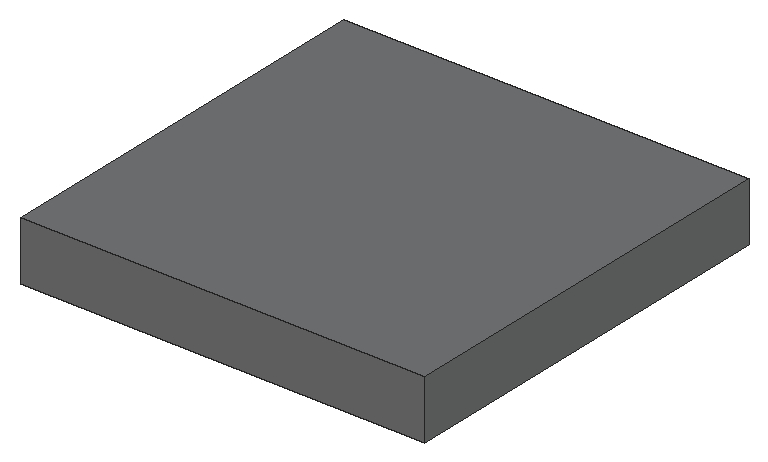
Revit family "Gira_028403", category Electrical Fixtures, host Face, Revit 2017
Family settings
  Host = Face
  Maintain Annotation Orientation = No
  Round Connector Dimension = Use Diameter
  Part Type = Normal
  Cut with Voids When Loaded = No
  Shared = No
  Room Calculation Point = No
Parameters (values of type "Cov. in.sp. UAE/IAE network conn.box System 55 p.white")
  URL = "http://katalog.gira.de/en/datenblatt.html?artikelnr=028403"
  Transparent = "No"
  Name = "Cov. in.sp. UAE/IAE network conn.box System 55 p.white"
  Manufacturer URL = "https://www.gira.de/"
  Manufacturer = "Gira"
  Keynote = ""
  HeinzeBIM = "https://bimportal.heinze.de/bim/cov-in-sp-uae-iae-network-conn-box-system-55-p-white/f08eacdc3c2a978b2a830b23849f1269a9c77e8f"
  HAN = "028403"
  GTIN = "4010337284031"
  Description = "Cov.in.sp.UAE IAE network Sys55 PW,Cover for UAE IAE (ISDN) and network connection box,with inscription space,pure white glossy,Features:,- Cover plate can be broken out.,,Notes :,- Suitable for UAE IAE (ISDN) connection boxes."
  Default Elevation = 1219.2 mm
  Data sheet (1) = "https://katalog.gira.de/en/download.html?artikelnr=028403"
  Category = "Insert/cover for communication technology"
  BIM (1) = "https://media.stage.bim.site/public/gira/36a6b08/Sys55_Abdeckung_Schalten und Tasten.rfa?public/gira/36a6b08/Sys55_Abdeckung_Schalten und Tasten.rfa"
  Available = "No"
  Anthrazit [instance] = Anthrazit
Reference planes
  plane 1 "Center (Front/Back)": y = 0
  plane 2: z = 0
  plane 3 "Center (Left/Right)": x = 0
Forms (mm)
  Extrusion 1, solid, material "Anthrazit" <- "Anthrazit", detail levels fine
    sketch origin (0, 0, 0) x (1, 0, 0) y (0, 1, 0)
      loop
        line (-27.5, 27.5) -> (-27.5, -27.5) -> (27.5, -27.5) -> (27.5, 27.5) -> (-27.5, 27.5)
    from 0 to 8
  Extrusion 2, void
    sketch origin (0, 0, 0) x (1, 0, 0) y (0, 1, 0)
      loop
        line (26, 26) -> (-26, 26) -> (-26, -26) -> (26, -26) -> (26, 26)
    from 0 to 6
  Extrusion 3, solid, material "Anthrazit" <- "Anthrazit", detail levels medium
    sketch origin (0, 0, 0) x (1, 0, 0) y (0, 1, 0)
      loop
        line (-27.5, 27.5) -> (-27.5, -27.5) -> (27.5, -27.5) -> (27.5, 27.5) -> (-27.5, 27.5)
    from 0 to 8
  Extrusion 4, solid, material "Anthrazit" <- "Anthrazit", detail levels medium
    sketch origin (0, 0, 0) x (1, 0, 0) y (0, 1, 0)
      loop
        line (11, -17.5) -> (11, 17.5) -> (-11, 17.5) -> (-11, -17.5) -> (11, -17.5)
    from -6 to 6
  Extrusion 5, solid, material "Anthrazit" <- "Anthrazit", detail levels fine
    sketch origin (0, 0, 0) x (1, 0, 0) y (0, 1, 0)
      loop
        line (11, 17.5) -> (-11, 17.5) -> (-11, 16.5) -> (11, 16.5) -> (11, 17.5)
      loop
        line (-11, -16.5) -> (-11, -17.5) -> (11, -17.5) -> (11, -16.5) -> (-11, -16.5)
    from -4 to 6
  Extrusion 6, solid, material "Anthrazit" <- "Anthrazit", detail levels fine
    sketch origin (0, 0, 0) x (1, 0, 0) y (0, 1, 0)
      loop
        arc (5, 9.347) -> (0, 10.6) -> (-5, 9.347) r 10.6
        line (-5, 9.347) -> (-5, -9.347)
        arc (-5, -9.347) -> (0, -10.6) -> (5, -9.347) r 10.6
        line (5, -9.347) -> (5, 9.347)
    from -6 to 6
  Extrusion 7, solid, material "Anthrazit" <- "Anthrazit", detail levels coarse
    sketch origin (0, 0, 0) x (1, 0, 0) y (0, 1, 0)
      loop
        line (-27.5, 27.5) -> (-27.5, -27.5) -> (27.5, -27.5) -> (27.5, 27.5) -> (-27.5, 27.5)
    from -6 to 8
Cuts and joins
  Extrusion 2 cuts Extrusion 1
Dimensions and locks
  aligned and locked: plane 2 to host face
  aligned and locked: level to host face
